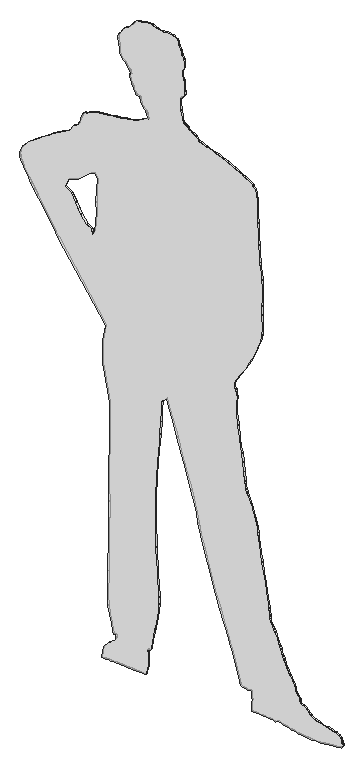
Revit family "Flat Man 07", category Entourage, Revit 2015
Parameters
  Flat Material [instance] = Default Entourage
  Height = 0 mm
Reference planes
  plane 1 "Center (Front/Back)": y = 0
  plane 2: z = 0
  plane 3 "Center (Left/Right)": x = 0
Forms (mm)
  Extrusion 1, solid, material "Default Entourage" <- "Flat Material"
    sketch origin (0, 0, 0) x (1, 0, 0) y (0, 0, 1)
      loop
        line (-330.723, 1104.063) -> (-184.964, 914.817) -> (-194.806, 868.916) -> (-194.806, 806.2) -> (-191.566, 795.767) -> (-173.079, 708.005) -> (-173.079, 636.41) -> (-175.974, 491.14) -> (-175.759, 472.429) -> (-175.358, 437.517) -> (-175.974, 344.099) -> (-177.777, 245.273) -> (-179.579, 175.358) -> (-177.777, 150.669) -> (-172.346, 127.166) -> (-166.915, 105.466) -> (-163.903, 86.778) -> (-162.717, 80.754) -> (-160.298, 78.335) -> (-156.669, 78.335) -> (-153.065, 78.951) -> (-153.065, 71.718) -> (-154.274, 66.904) -> (-157.286, 63.275) -> (-162.717, 59.053) -> (-166.915, 56.041) -> (-170.543, 53.03) -> (-174.765, 50.018) -> (-178.986, 46.413) -> (-182.591, 42.784) -> (-185.603, 39.772) -> (-188.022, 37.377) -> (-189.825, 34.958) -> (-192.244, 30.143) -> (-194.046, 24.712) -> (-194.639, 19.281) -> (-194.046, 14.467) -> (-195.849, 11.455) -> (-197.058, 7.233) -> (-197.058, 2.419) -> (-194.046, 1.731) -> (-191.034, 1.731) -> (-187.406, 1.731) -> (-183.801, 1.731) -> (-178.986, 1.731) -> (-174.148, 1.731) -> (-168.741, 1.731) -> (-162.717, 1.719) -> (-156.669, 1.731) -> (-150.053, 1.731) -> (-142.226, 1.731) -> (-134.993, 1.731) -> (-127.143, 1.731) -> (-120.526, 1.731) -> (-113.885, 1.731) -> (-109.071, 1.731) -> (-104.849, 1.731) -> (-101.245, 1.731) -> (-98.233, 1.731) -> (-95.814, 1.802) -> (-94.011, 1.731) -> (-92.209, 1.731) -> (-90.383, 1.731) -> (-88.58, 1.731) -> (-86.778, 1.731) -> (-80.754, 1.731) -> (-77.125, 1.731) -> (-72.904, 1.731) -> (-69.299, 1.731) -> (-65.694, 1.731) -> (-62.658, 1.731) -> (-59.646, 2.937) -> (-56.634, 22.293) -> (-54.832, 24.119) -> (-54.239, 34.958) -> (-54.239, 48.808) -> (-54.832, 62.065) -> (-57.251, 71.718) -> (-52.437, 71.718) -> (-48.215, 73.52) -> (-45.796, 77.149) -> (-44.587, 83.766) -> (-42.784, 96.43) -> (-39.156, 115.095) -> (-34.341, 134.993) -> (-30.12, 153.065) -> (-25.898, 169.951) -> (-22.886, 189.232) -> (-21.7, 209.106) -> (-21.7, 228.411) -> (-27.108, 292.872) -> (-31.329, 361.578) -> (-33.132, 430.877) -> (-32.539, 497.164) -> (-29.527, 552.019) -> (-26.515, 594.803) -> (-23.503, 627.342) -> (-21.084, 649.635) -> (-18.688, 674.94) -> (-16.269, 709.898) -> (-13.85, 743.053) -> (-12.641, 765.94) -> (-8.443, 770.161) -> (-4.814, 773.79) -> (-2.395, 776.185) -> (0, 779.197) -> (7.233, 758.113) -> (18.688, 725.575) -> (32.539, 685.186) -> (47.598, 640.599) -> (62.658, 596.013) -> (75.916, 554.415) -> (86.754, 520.666) -> (92.185, 497.164) -> (96.999, 472.475) -> (104.849, 442.948) -> (115.071, 408.583) -> (125.933, 371.823) -> (138.574, 333.853) -> (151.238, 296.5) -> (163.903, 260.333) -> (175.951, 227.794) -> (180.765, 213.944) -> (187.406, 196.465) -> (194.023, 176.567) -> (201.873, 154.891) -> (208.489, 133.783) -> (215.13, 113.909) -> (220.537, 97.023) -> (224.166, 84.975) -> (224.759, 81.37) -> (225.968, 77.742) -> (227.178, 74.73) -> (229.573, 72.311) -> (233.202, 70.508) -> (239.226, 69.299) -> (248.262, 68.706) -> (260.309, 68.706) -> (260.309, 63.892) -> (260.309, 57.868) -> (261.519, 51.82) -> (263.938, 47.006) -> (260.926, 41.575) -> (259.717, 31.946) -> (260.309, 22.293) -> (260.926, 15.676) -> (266.95, 15.06) -> (275.986, 14.467) -> (285.638, 13.874) -> (296.477, 13.874) -> (307.315, 13.257) -> (318.177, 12.664) -> (327.213, 12.048) -> (334.446, 11.455) -> (341.68, 15.06) -> (346.494, 13.874) -> (352.518, 12.664) -> (357.949, 11.455) -> (364.566, 10.245) -> (370.59, 9.036) -> (377.23, 7.826) -> (384.464, 6.641) -> (391.081, 5.431) -> (398.314, 4.221) -> (405.548, 3.629) -> (412.781, 2.419) -> (419.422, 1.802) -> (426.631, 1.21) -> (433.272, 0.617) -> (439.889, 0) -> (445.936, 0) -> (458.577, 0.617) -> (471.835, 1.21) -> (485.092, 2.419) -> (498.349, 4.221) -> (510.397, 6.024) -> (521.259, 7.826) -> (529.702, 9.653) -> (535.109, 10.862) -> (539.331, 13.874) -> (541.133, 18.688) -> (539.948, 22.91) -> (537.529, 25.922) -> (536.912, 29.527) -> (535.726, 33.155) -> (534.517, 36.76) -> (532.098, 39.772) -> (528.493, 42.784) -> (524.271, 45.203) -> (518.84, 47.622) -> (512.223, 48.808) -> (503.78, 50.018) -> (494.128, 51.82) -> (483.882, 53.646) -> (473.637, 55.449) -> (464.008, 57.868) -> (454.972, 60.88) -> (447.739, 63.892) -> (442.308, 67.496) -> (438.086, 71.125) -> (434.481, 74.73) -> (431.47, 77.742) -> (428.458, 80.754) -> (425.446, 83.173) -> (423.027, 84.975) -> (420.607, 86.185) -> (418.212, 86.778) -> (412.781, 87.987) -> (410.362, 90.406) -> (409.176, 94.011) -> (409.176, 97.64) -> (409.176, 100.652) -> (407.35, 103.047) -> (404.955, 106.059) -> (401.326, 109.071) -> (399.524, 111.49) -> (397.721, 115.712) -> (395.919, 120.526) -> (394.093, 126.55) -> (391.697, 132.574) -> (388.685, 139.214) -> (386.266, 144.645) -> (382.662, 149.46) -> (378.44, 155.484) -> (374.219, 163.31) -> (369.38, 171.753) -> (365.183, 181.406) -> (360.345, 191.034) -> (356.74, 200.07) -> (353.111, 209.106) -> (350.716, 216.34) -> (347.704, 224.19) -> (344.075, 232.016) -> (340.47, 241.052) -> (336.842, 249.495) -> (332.62, 257.321) -> (329.608, 263.962) -> (326.596, 269.369) -> (324.794, 272.381) -> (321.782, 276.602) -> (319.363, 282.034) -> (317.56, 288.057) -> (316.968, 293.488) -> (316.968, 298.919) -> (315.758, 306.129) -> (314.548, 315.782) -> (312.153, 329.039) -> (310.327, 340.494) -> (306.722, 358.566) -> (302.501, 381.476) -> (297.686, 406.781) -> (292.848, 433.296) -> (288.65, 458.008) -> (285.022, 480.301) -> (282.603, 497.164) -> (280.8, 510.421) -> (278.405, 523.085) -> (275.393, 533.924) -> (272.974, 544.169) -> (269.962, 553.229) -> (266.95, 561.055) -> (264.531, 568.289) -> (262.728, 574.312) -> (260.309, 579.743) -> (257.297, 586.36) -> (254.286, 593.001) -> (250.681, 600.827) -> (247.052, 608.654) -> (244.04, 617.689) -> (241.645, 627.342) -> (240.435, 638.18) -> (238.016, 662.3) -> (235.004, 687.605) -> (231.992, 710.515) -> (227.771, 727.377) -> (223.549, 749.67) -> (219.328, 784.035) -> (215.723, 818.376) -> (215.723, 843.681) -> (216.932, 858.741) -> (215.723, 870.196) -> (213.304, 878.639) -> (209.699, 883.454) -> (209.699, 896.094) -> (225.968, 921.4) -> (241.645, 945.495) -> (256.088, 968.998) -> (269.345, 991.908) -> (279.591, 1014.201) -> (288.034, 1035.309) -> (292.848, 1055.776) -> (294.058, 1075.674) -> (292.848, 1109.422) -> (292.848, 1134.134) -> (293.465, 1153.416) -> (294.058, 1169.685) -> (294.058, 1187.164) -> (292.848, 1206.445) -> (290.453, 1223.924) -> (288.65, 1236.565) -> (286.824, 1251.648) -> (285.022, 1274.534) -> (283.812, 1298.037) -> (282.603, 1316.726) -> (281.417, 1334.204) -> (280.207, 1357.091) -> (279.591, 1380.593) -> (278.998, 1401.084) -> (278.405, 1419.18) -> (275.986, 1436.042) -> (272.357, 1448.09) -> (266.333, 1451.718) -> (265.148, 1455.94) -> (262.728, 1458.952) -> (257.914, 1461.964) -> (250.681, 1466.185) -> (241.028, 1471) -> (230.783, 1475.814) -> (220.537, 1480.036) -> (210.292, 1484.257) -> (199.454, 1488.479) -> (189.208, 1492.7) -> (178.37, 1496.305) -> (168.124, 1499.317) -> (157.879, 1502.945) -> (147.634, 1505.957) -> (137.981, 1508.969) -> (128.945, 1511.365) -> (121.119, 1513.784) -> (113.269, 1516.203) -> (106.035, 1518.005) -> (100.011, 1519.808) -> (98.209, 1522.227) -> (95.197, 1525.239) -> (90.975, 1528.844) -> (86.161, 1532.472) -> (81.94, 1535.484) -> (77.718, 1537.287) -> (74.113, 1538.496) -> (71.694, 1537.879) -> (70.485, 1539.706) -> (68.682, 1542.101) -> (66.263, 1544.52) -> (63.251, 1546.939) -> (60.239, 1549.334) -> (57.227, 1551.161) -> (54.215, 1552.346) -> (52.413, 1552.346) -> (48.784, 1567.43) -> (45.179, 1584.885) -> (42.784, 1602.364) -> (43.401, 1618.633) -> (48.191, 1618.04) -> (53.622, 1622.262) -> (57.227, 1630.705) -> (57.227, 1640.95) -> (56.634, 1645.148) -> (56.018, 1650.579) -> (55.425, 1656.01) -> (55.425, 1661.441) -> (55.425, 1666.848) -> (54.808, 1671.687) -> (53.622, 1676.501) -> (50.61, 1679.513) -> (49.994, 1684.327) -> (49.401, 1689.142) -> (49.994, 1693.98) -> (52.413, 1698.201) -> (55.425, 1704.225) -> (56.634, 1712.644) -> (56.634, 1721.087) -> (54.808, 1727.728) -> (51.796, 1731.949) -> (49.994, 1734.961) -> (48.191, 1738.566) -> (46.982, 1742.171) -> (45.772, 1745.8) -> (45.179, 1748.812) -> (43.994, 1750.614) -> (42.784, 1752.417) -> (40.982, 1754.836) -> (39.772, 1757.848) -> (39.179, 1762.069) -> (38.563, 1766.291) -> (37.377, 1770.512) -> (33.748, 1774.117) -> (28.934, 1777.129) -> (24.712, 1779.548) -> (21.107, 1780.757) -> (17.479, 1781.35) -> (13.874, 1781.967) -> (10.245, 1782.56) -> (6.641, 1782.56) -> (3.012, 1782.56) -> (0, 1782.56) -> (-2.395, 1781.967) -> (-5.431, 1781.35) -> (-9.629, 1781.35) -> (-15.06, 1781.35) -> (-21.084, 1781.967) -> (-26.515, 1783.153) -> (-31.946, 1783.769) -> (-36.76, 1785.572) -> (-40.365, 1786.781) -> (-43.377, 1787.991) -> (-47.598, 1788.584) -> (-52.437, 1788.584) -> (-57.251, 1787.991) -> (-62.065, 1786.781) -> (-66.287, 1785.572) -> (-69.299, 1784.362) -> (-71.718, 1783.153) -> (-74.113, 1783.769) -> (-77.125, 1783.769) -> (-80.137, 1784.362) -> (-83.766, 1783.769) -> (-87.987, 1783.153) -> (-90.999, 1781.967) -> (-94.011, 1780.141) -> (-96.407, 1777.129) -> (-98.826, 1773.524) -> (-101.245, 1769.895) -> (-104.257, 1766.291) -> (-107.861, 1762.662) -> (-110.873, 1759.65) -> (-114.502, 1756.638) -> (-117.514, 1754.836) -> (-119.909, 1753.626) -> (-124.747, 1751.824) -> (-128.969, 1748.812) -> (-132.574, 1743.997) -> (-136.179, 1738.566) -> (-140.4, 1733.135) -> (-144.622, 1727.728) -> (-147.634, 1722.297) -> (-147.634, 1715.064) -> (-145.831, 1707.237) -> (-144.029, 1698.794) -> (-143.412, 1690.968) -> (-143.412, 1684.327) -> (-142.819, 1678.303) -> (-140.4, 1671.07) -> (-136.179, 1664.453) -> (-131.364, 1659.615) -> (-128.352, 1657.22) -> (-124.747, 1654.208) -> (-121.119, 1649.986) -> (-117.514, 1645.765) -> (-113.885, 1641.543) -> (-110.873, 1637.322) -> (-108.478, 1633.1) -> (-107.269, 1630.088) -> (-110.281, 1630.088) -> (-112.083, 1628.286) -> (-112.7, 1624.681) -> (-111.49, 1619.25) -> (-109.664, 1615.028) -> (-108.478, 1611.424) -> (-106.652, 1608.388) -> (-105.466, 1605.993) -> (-104.257, 1603.573) -> (-103.047, 1600.562) -> (-101.838, 1597.55) -> (-100.628, 1593.328) -> (-99.418, 1589.723) -> (-97.023, 1586.095) -> (-94.604, 1582.49) -> (-92.209, 1580.071) -> (-89.79, 1578.861) -> (-86.778, 1578.268) -> (-84.359, 1578.268) -> (-81.963, 1578.861) -> (-80.137, 1572.837) -> (-78.951, 1567.43) -> (-77.125, 1561.999) -> (-74.73, 1557.777) -> (-72.904, 1553.556) -> (-69.892, 1550.544) -> (-66.88, 1547.532) -> (-62.658, 1545.73) -> (-61.472, 1540.915) -> (-59.053, 1536.077) -> (-56.634, 1530.67) -> (-54.832, 1525.832) -> (-57.844, 1525.239) -> (-61.472, 1524.029) -> (-65.694, 1522.227) -> (-69.299, 1520.424) -> (-73.52, 1518.598) -> (-77.125, 1516.203) -> (-80.137, 1514.377) -> (-82.556, 1512.574) -> (-91.592, 1510.179) -> (-101.838, 1507.167) -> (-112.083, 1504.748) -> (-122.328, 1502.945) -> (-133.167, 1500.526) -> (-143.412, 1498.724) -> (-153.065, 1497.514) -> (-162.717, 1496.305) -> (-172.346, 1495.095) -> (-183.184, 1493.91) -> (-194.639, 1492.083) -> (-206.687, 1489.688) -> (-217.549, 1487.269) -> (-227.178, 1484.257) -> (-235.621, 1480.652) -> (-241.645, 1476.431) -> (-245.866, 1476.431) -> (-250.088, 1474.605) -> (-254.309, 1471) -> (-257.321, 1465.569) -> (-260.333, 1457.742) -> (-262.752, 1451.102) -> (-265.148, 1445.694) -> (-266.357, 1440.856) -> (-268.16, 1436.659) -> (-271.788, 1433.647) -> (-275.393, 1430.635) -> (-279.614, 1429.425) -> (-283.243, 1427.599) -> (-286.255, 1423.994) -> (-289.267, 1419.773) -> (-292.279, 1414.958) -> (-294.081, 1412.539) -> (-296.5, 1410.144) -> (-299.512, 1407.725) -> (-303.71, 1405.922) -> (-307.932, 1403.503) -> (-313.363, 1401.084) -> (-319.387, 1398.072) -> (-325.411, 1395.06) -> (-329.039, 1393.258) -> (-334.446, 1390.246) -> (-339.877, 1386.641) -> (-346.518, 1383.012) -> (-353.751, 1378.791) -> (-361.578, 1373.977) -> (-369.404, 1369.162) -> (-377.23, 1363.731) -> (-385.081, 1358.917) -> (-392.907, 1353.486) -> (-400.733, 1348.671) -> (-407.374, 1343.833) -> (-414.014, 1339.635) -> (-419.422, 1335.414) -> (-423.643, 1332.402) -> (-427.272, 1329.39) -> (-432.679, 1323.959) -> (-437.493, 1317.935) -> (-441.122, 1311.911) -> (-444.727, 1305.271) -> (-447.146, 1298.654) -> (-447.739, 1292.013) -> (-447.146, 1285.396) -> (-445.344, 1278.756) -> (-441.122, 1270.313) -> (-436.308, 1260.684) -> (-429.667, 1249.229) -> (-421.841, 1237.181) -> (-413.398, 1224.517) -> (-404.362, 1210.667) -> (-394.709, 1196.793) -> (-385.081, 1182.942) -> (-375.428, 1168.475) -> (-365.183, 1154.625) -> (-356.147, 1141.368) -> (-347.111, 1128.11) -> (-338.668, 1116.039) -> (-331.434, 1105.2) -> (-330.723, 1104.063)
      loop
        line (-213.297, 1213.147) -> (-214.456, 1242.148) -> (-212.136, 1276.95) -> (-210.974, 1305.953) -> (-219.1, 1318.714) -> (-231.872, 1314.073) -> (-269.025, 1286.232) -> (-298.05, 1274.63) -> (-307.338, 1252.589) -> (-289.922, 1242.148) -> (-275.991, 1220.107) -> (-260.897, 1193.424) -> (-242.322, 1172.544) -> (-227.228, 1164.423) -> (-224.906, 1150.501) -> (-219.618, 1160.329) -> (-213.297, 1213.147)
    from -2.5 to 2.5
Lines and regions (mm)
  model lines
    curve 1: line (0, 150, 0) -> (0, -150, 0)
    curve 2: line (-150, 0, 0) -> (150, 0, 0)
Dimensions and locks
  aligned and locked: level to plane 2
